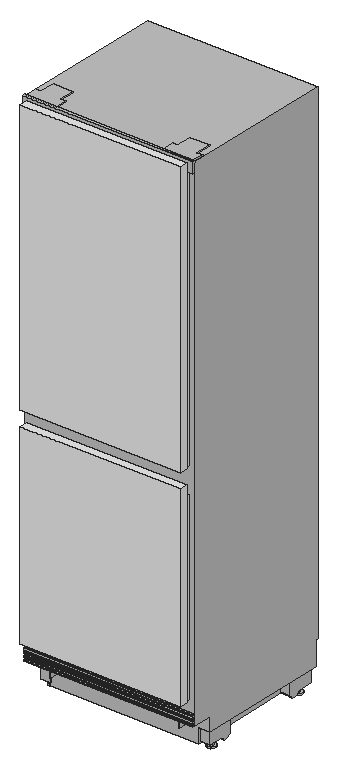
Revit family "FP-Revit18-en-RS2474BRU1-FridgeFreezer-0-US-CA-90002449A", category Specialty Equipment, Revit 2018 (continued)
Definition of nested family "F&P Handle Kit - Classic Round RS60B"
  Forms (mm)
    Extrusion 11, solid, material <- "Material - Handle", detail levels fine
      sketch origin (0, 0, 0) x (1, 0, 0) y (0, 1, 0)
        loop
          line (-10.498, 0) -> (-10.498, -44.923)
          arc (-10.498, -44.923) -> (0, -55.422) -> (10.498, -44.923) r 10.498
          line (10.498, -44.923) -> (10.498, 0) -> (-10.498, 0)
      from -175.83 to -131.83
    Sweep 12, void
      path in 3D
        loop
          line (-10.498, 0, -131.83) -> (-10.498, -44.923, -131.83)
          arc (-10.498, -44.923, -131.83) -> (0, -55.422, -131.83) -> (10.498, -44.923, -131.83) r 10.498
          line (10.498, -44.923, -131.83) -> (10.498, 0, -131.83)
      profile origin (10.498, -22.462, -131.83) x (-1, 0, 0) y (0, 0, 1)
        loop
          line (0, 0) -> (0, -1.5) -> (1.5, 0) -> (0, 0)
    Extrusion 13, solid, material <- "Material - Handle", detail levels coarse+medium
      sketch origin (0, 0, 0) x (1, 0, 0) y (0, 1, 0)
        loop
          line (-10.498, 0) -> (-10.498, -44.923)
          arc (-10.498, -44.923) -> (0, -55.422) -> (10.498, -44.923) r 10.498
          line (10.498, -44.923) -> (10.498, 0) -> (-10.498, 0)
      from -175.83 to -131.83
    Extrusion 14, solid, material <- "Material - Handle"
      sketch origin (0, 0, 0) x (1, 0, 0) y (0, 1, 0)
        loop
          circle (0, -44.923) r 10
      from -331 to -175.83
  Cuts and joins
    Sweep 4, Sweep 12 cuts Extrusion 2
    Sweep 5, Sweep 9 cuts Extrusion 3
    Sweep 9 cuts Extrusion 7
    Sweep 9 cuts Extrusion 8
    Sweep 12 cuts Extrusion 6
    Sweep 12 cuts Extrusion 11
  Lines and regions (mm)
    sketch lines
      curve 1: line (10.498, -44.923, 411) -> (10.498, 0, 411)
      curve 2: arc (10.498, -44.923, 411) -> (0, -55.422, 411) -> (-10.498, -44.923, 411) r 10.498
      curve 3: line (-10.498, 0, 411) -> (-10.498, -44.923, 411)
      curve 4: line (10.498, 0, -411) -> (10.498, -44.923, -411)
      curve 5: arc (-10.498, -44.923, -411) -> (0, -55.422, -411) -> (10.498, -44.923, -411) r 10.498
      curve 6: line (-10.498, -44.923, -411) -> (-10.498, 0, -411)
      curve 7: line (10.498, 0, -97.5) -> (10.498, -44.923, -97.5)
      curve 8: arc (-10.498, -44.923, -97.5) -> (0, -55.422, -97.5) -> (10.498, -44.923, -97.5) r 10.498
      curve 9: line (-10.498, -44.923, -97.5) -> (-10.498, 0, -97.5)
      curve 10: line (10.498, -44.923, -131.83) -> (10.498, 0, -131.83)
      curve 11: arc (10.498, -44.923, -131.83) -> (0, -55.422, -131.83) -> (-10.498, -44.923, -131.83) r 10.498
      curve 12: line (-10.498, 0, -131.83) -> (-10.498, -44.923, -131.83)
  Dimensions and locks
    equal spacing: plane 4 "Top", level, plane 5 "Bottom"
    "Handle - Length": plane 4 "Top" to plane 5 "Bottom"
    "Handle Standoff - Length": plane 4 "Top" to plane 6 "Top Standoff"
    "Handle Standoff - Length": plane 7 "Bottom Standoff" to plane 5 "Bottom"
    locked: level to Extrusion 10 at 53.5
    locked: level to Extrusion 10 at 97.5
    locked: level to Extrusion 13 at 131.83
    locked: level to Extrusion 13 at 175.83
    aligned and locked: level to plane 2
    aligned and locked: plane 4 "Top" to Extrusion 2
    aligned and locked: Extrusion 3 to plane 5 "Bottom"
    aligned and locked: plane 7 "Bottom Standoff" to Extrusion 3
    aligned and locked: plane 6 "Top Standoff" to Extrusion 1
    aligned and locked: Extrusion 2 to Extrusion 1
    aligned and locked: plane 4 "Top" to Extrusion 6
    aligned and locked: Extrusion 6 to plane 6 "Top Standoff"
    aligned and locked: Extrusion 7 to plane 5 "Bottom"
    aligned and locked: plane 7 "Bottom Standoff" to Extrusion 7
    aligned and locked: Extrusion 14 to Extrusion 13
    aligned and locked: Extrusion 1 to Extrusion 10
    aligned and locked: cut or joined group of Extrusion 6, Sweep 12 to plane 6 "Top Standoff"
    aligned and locked: Extrusion 14 to plane 7 "Bottom Standoff"
    aligned and locked: cut or joined group of Extrusion 8, Sweep 9 to Extrusion 10
    aligned and locked: Extrusion 10 to cut or joined group of Extrusion 8, Sweep 9
    aligned and locked: cut or joined group of Extrusion 11, Sweep 12 to Extrusion 13  (x2)
  Automatic sketch dimensions
    Extrusion 1 sketch curve to plane 3 "Center (Left/Right)" = 0 mm
    plane 1 "Center (Front/Back)" to Extrusion 1 sketch curve = 44.923 mm
    plane 1 "Center (Front/Back)" to Extrusion 2 sketch curve = 0 mm
    Extrusion 2 sketch curve to plane 3 "Center (Left/Right)" = 0 mm
    Extrusion 2 sketch curve to plane 3 "Center (Left/Right)" = 10.498 mm
    plane 1 "Center (Front/Back)" to Extrusion 2 sketch curve = 44.923 mm
    plane 1 "Center (Front/Back)" to Extrusion 3 sketch curve = 0 mm
    Extrusion 3 sketch curve to plane 3 "Center (Left/Right)" = 0 mm
    Extrusion 3 sketch curve to plane 3 "Center (Left/Right)" = 10.498 mm
    Extrusion 3 sketch curve to Extrusion 3 sketch curve = 44.923 mm
    Sweep 4 sketch curve to profile plane = 0 mm  (x2)
    Sweep 4 sketch curve to profile plane = 1.5 mm
    Sweep 4 sketch curve to Sweep 4 sketch curve = 1.5 mm
    Sweep 5 sketch curve to profile plane = 0 mm  (x2)
    Sweep 5 sketch curve to profile plane = 1.5 mm  (x2)
    plane 1 "Center (Front/Back)" to Extrusion 6 sketch curve = 0 mm
    Extrusion 6 sketch curve to plane 3 "Center (Left/Right)" = 0 mm
    Extrusion 6 sketch curve to plane 3 "Center (Left/Right)" = 10.498 mm
    plane 1 "Center (Front/Back)" to Extrusion 6 sketch curve = 44.923 mm
    plane 1 "Center (Front/Back)" to Extrusion 7 sketch curve = 0 mm
    Extrusion 7 sketch curve to plane 3 "Center (Left/Right)" = 0 mm
    Extrusion 7 sketch curve to plane 3 "Center (Left/Right)" = 10.498 mm
    Extrusion 7 sketch curve to Extrusion 7 sketch curve = 44.923 mm
    plane 1 "Center (Front/Back)" to Extrusion 8 sketch curve = 0 mm
    Extrusion 8 sketch curve to plane 3 "Center (Left/Right)" = 0 mm
    Extrusion 8 sketch curve to plane 3 "Center (Left/Right)" = 10.498 mm
    Extrusion 8 sketch curve to Extrusion 8 sketch curve = 44.923 mm
    Sweep 9 sketch curve to profile plane = 0 mm  (x2)
    Sweep 9 sketch curve to profile plane = 1.5 mm  (x2)
    plane 1 "Center (Front/Back)" to Extrusion 10 sketch curve = 0 mm
    Extrusion 10 sketch curve to plane 3 "Center (Left/Right)" = 0 mm
    Extrusion 10 sketch curve to plane 3 "Center (Left/Right)" = 10.498 mm
    Extrusion 10 sketch curve to Extrusion 10 sketch curve = 44.923 mm
    plane 1 "Center (Front/Back)" to Extrusion 11 sketch curve = 0 mm
    Extrusion 11 sketch curve to plane 3 "Center (Left/Right)" = 0 mm
    Extrusion 11 sketch curve to plane 3 "Center (Left/Right)" = 10.498 mm
    plane 1 "Center (Front/Back)" to Extrusion 11 sketch curve = 44.923 mm
    Sweep 12 sketch curve to profile plane = 0 mm  (x2)
    Sweep 12 sketch curve to profile plane = 1.5 mm
    Sweep 12 sketch curve to Sweep 12 sketch curve = 1.5 mm
    plane 1 "Center (Front/Back)" to Extrusion 13 sketch curve = 0 mm
    Extrusion 13 sketch curve to plane 3 "Center (Left/Right)" = 0 mm
    Extrusion 13 sketch curve to plane 3 "Center (Left/Right)" = 10.498 mm
    plane 1 "Center (Front/Back)" to Extrusion 13 sketch curve = 44.923 mm
    Extrusion 14 sketch curve to plane 3 "Center (Left/Right)" = 0 mm
    plane 1 "Center (Front/Back)" to Extrusion 14 sketch curve = 44.923 mm
    radius of Extrusion 1 sketch curve = 10 mm
    radius of Extrusion 14 sketch curve = 10 mm
